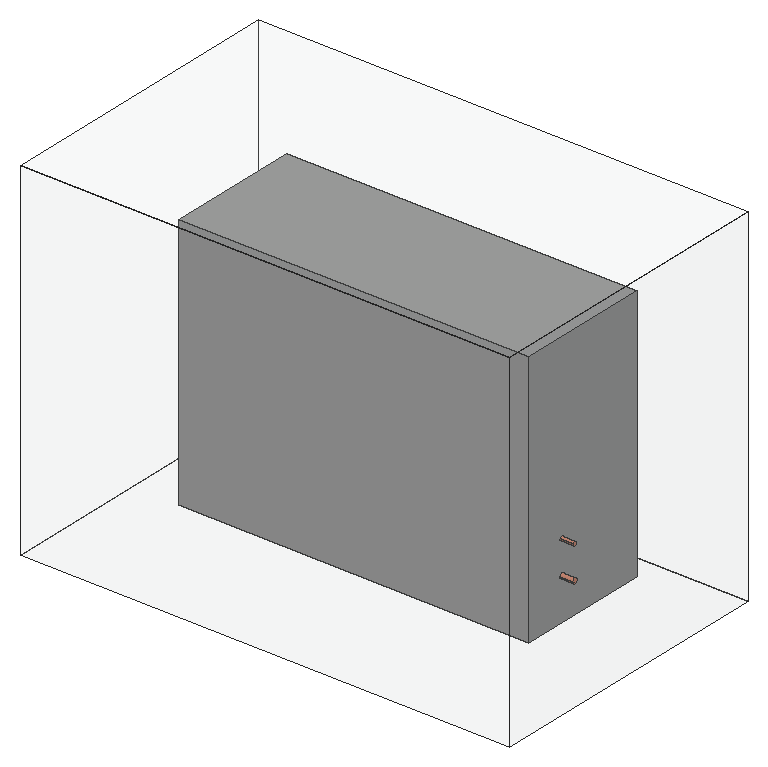
Revit family "Hitachi RAC-YHA_NXA Family", category Mechanical Equipment, Revit 2013
Parameters (values of type "RAC-35NXA1")
  Weight (kg) = 36
  Unit Width = 750 mm
  Unit Height = 548 mm
  URL = "www.temperzone.biz"
  Top Clearance = 200 mm
  Sound Pressure Level (dbA) - Cool / Heat = "47 / 49"
  Sensible Cooling = "3.14 kW"
  Right Clearance = 200 mm
  Refrigerant Type = "R410A"
  Refrigerant Pipe Charge Length = "20m"
  Refrig Pipe Offset from Back = 202 mm
  Radius pipe Top LIQUID = 3.2 mm
  Radius Pipe Bottom GAS = 4.7 mm
  Power Suppy = "240 / 1"
  Power Input kW (cooling) = 0.94
  Power Input kW (Heating) = 1.05
  Pipe Length (min./max.) = "3m to 20m"
  Pipe Height (max.) = "10m"
  Pipe Connection Size - Liquid = "6.35 mm"
  Pipe Connection Size - Gas = "9.5 mm"
  Outdoor Operating Temp. (heating) C db = "21 to -15 C"
  Outdoor Operating Temp. (cooling) C db = "43 to -10 C"
  Model - Indoor = "RAF35-NXA1"
  Model = "RAC35-NXA1"
  Recommended External Protection = 16 A
  Material = "Hitachi - Outdoor Unit"
  Manufacturer = "Temperzone / Hitachi"
  Left Clearance = 100 mm
  Interconnecting Wires = "2C + E, 1.5 mm"
  Height Refrig Pipe (Bottom - GAS) = 91 mm
  Height Refig Pipe (Top LIQUID) = 162.5 mm
  Heating Range = "1.1 - 5.2 kW"
  Heating Capacity = 4200 W
  Front Clearance = 300 mm
  Unit Depth = 288 mm
  Energy Star = yes
  EER Cooling = 3.72
  Description = "Hitachi Outdoor Unit RAC35-NXA1"
  Cooling Range = "1.1 - 4.2 kW"
  Cooling Capacity = 3500 W
  Clearance = Clearance Zone
  COP Heating = 4
  Back Clearance = 50 mm
  Airflow - Med = 138.0 L/s
  Airflow - Low = 111.0 L/s
  Airflow - Hi = 167.0 L/s
  Airflow - ExLow = 92.0 L/s
Types (9, lengths in mm): name | Weight (kg) | Unit Width | Unit Height | Sound Pressure Level (dbA) - Cool / Heat | Sensible Cooling | Refrigerant Pipe Charge Length | Refrig Pipe Offset from Back | Radius Pipe Bottom GAS | Power Input kW (cooling) | Power Input kW (Heating) | Pipe Length (min./max.) | Pipe Height (max.) | Pipe Connection Size - Gas | Outdoor Operating Temp. (cooling) C db | Model - Indoor | Model | Recommended External Protection | Interconnecting Wires | Height Refrig Pipe (Bottom - GAS) | Height Refig Pipe (Top LIQUID) | Heating Range | Heating Capacity | Front Clearance | Unit Depth | EER Cooling | Description | Cooling Range | Cooling Capacity | Clearance | COP Heating | Back Clearance | Airflow - Med | Airflow - Low | Airflow - Hi | Airflow - ExLow
  (no name) | 36 | 750 | 548 | "47 / 49" | "3.14 kW" | "20m" | 202 | 4.7 | 0.94 | 1.05 | "3m to 20m" | "10m" | "9.5 mm" | "43 to -10 C" | "RAF35-NXA1" | "RAC35-NXA1" | 16 A | "2C + E, 1.5 mm" | 91 | 162.5 | "1.1 - 5.2 kW" | 4200 W | 300 | 288 | 3.72 | "Hitachi Outdoor Unit RAC35-NXA1" | "1.1 - 4.2 kW" | 3500 W | Clearance Zone | 4 | 50 | 138.0 L/s | 111.0 L/s | 167.0 L/s | 92.0 L/s
  RAC-50YHA3 | 45 | 850 | 651 | "50 / 52" | "3.86 kW" | "20m" | 201 | 6.4 | 1.48 | 1.66 | "3m to 30m" | "20m" | "12.7 mm" | "46 to -10 C" | "RAS-50YHA3" | "RAC-50YHA3" | 16 A | "2 + E, 1.5 mm" | 96 | 169.5 | "0.9 - 5.8 kW" | 6100 W | 700 | 298 | 3.38 | "Hitachi Outdoor Unit RAC-50YHA3" | "0.9 - 6.8 kW" | 5000 W | Default | 3.67 | 100 | 173.0 L/s | 117.0 L/s | 227.0 L/s | 87.0 L/s
  RAC-25YHA3 | 33 | 750 | 548 | "46 / 49" | "2.15 kW" | "20m" | 202 | 4.7 | 0.67 | 0.85 | "3m to 20m" | "10m" | "9.5 mm" | "43 to -10 C" | "RAS-25YHA3" | "RAC-25YHA3" | 16 A | "2 + E, 1.5 mm" | 91 | 162.5 | "0.9 - 4.4 kW" | 3400 W | 300 | 288 | 3.73 | "Hitachi Outdoor Unit RAC-25YHA3" | "0.9 - 3.1 kW" | 2500 W | Default | 4 | 50 | 119.0 L/s | 103.0 L/s | 142.0 L/s | 92.0 L/s
  RAC-35YHA4 | 36 | 750 | 548 | "46 / 49" | "2.94 kW" | "20m" | 202 | 4.7 | 0.94 | 1.1 | "3m to 20m" | "10m" | "9.5 mm" | "43 to -10 C" | "RAS-35YHA4" | "RAC-35YHA4" | 16 A | "2 + E, 1.5 mm" | 91 | 162.5 | "1.1 - 5.6 kW" | 4500 W | 300 | 288 | 3.72 | "Hitachi Outdoor Unit RAC-35YHA4" | "1.1 - 4.2 kW" | 3500 W | Default | 4.09 | 50 | 135.0 L/s | 111.0 L/s | 167.0 L/s | 102.0 L/s
  RAC-60YHA3 | 50 | 850 | 750 | "50 / 51" | "4.40 kW" | "20m" | 191 | 6.4 | 1.8 | 1.99 | "3m to 30m" | "20m" | "12.7 mm" | "46 to -10 C" | "RAS-60YHA3" | "RAC-60YHA3" | 16 A | "4 + E, 1.5 mm" | 107.5 | 159.5 | "0.9 - 7.5 kW" | 7000 W | 700 | 298 | 3.33 | "Hitachi Outdoor Unit RAC-60YHA3" | "0.9 - 6.8 kW" | 6000 W | none | 3.52 | 100 | 183.0 L/s | 133.0 L/s | 250.0 L/s | 121.0 L/s
  RAC-70YHA3 | 52 | 850 | 800 | "51 / 53" | "5.50 kW" | "30m" | 201 | 7.9 | 2.05 | 2.36 | "3m to 30m" | "20m" | "15.9 mm" | "46 to -10 C" | "RAS-70YHA3" | "RAC-70YHA3" | 20 A | "4 + E, 1.5 mm" | 96 | 169.5 | "1.5 - 9.7 kW" | 8300 W | 700 | 298 | 3.41 | "Hitachi Outdoor Unit RAC-70YHA3" | "1.5 - 8.3 kW" | 7000 W | Default | 3.52 | 100 | 242.0 L/s | 167.0 L/s | 292.0 L/s | 142.0 L/s
  RAC-80YHA3 | 52 | 850 | 800 | "55 / 55" | "6.15" | "30m" | 201 | 7.9 | 2.45 | 2.75 | "3m to 30m" | "20m" | "15.9 mm" | "46 to -10 C" | "RAS-80YHA3" | "RAC-80YHA3" | 20 A | "4 + E, 1.5 mm" | 96 | 169.5 | "1.5 - 9.7 kW" | 9000 W | 700 | 298 | 3.27 | "Hitachi Outdoor Unit RAC-80YHA3" | "1.5 - 8.5 kW" | 8000 W | Default | 3.27 | 100 | 242.0 L/s | 225.0 L/s | 350.0 L/s | 203.0 L/s
  RAC-35NXA1 | 36 | 750 | 548 | "47 / 49" | "3.14 kW" | "20m" | 202 | 4.7 | 0.94 | 1.05 | "3m to 20m" | "10m" | "9.5 mm" | "43 to -10 C" | "RAF35-NXA1" | "RAC35-NXA1" | 16 A | "2C + E, 1.5 mm" | 91 | 162.5 | "1.1 - 5.2 kW" | 4200 W | 300 | 288 | 3.72 | "Hitachi Outdoor Unit RAC35-NXA1" | "1.1 - 4.2 kW" | 3500 W | Clearance Zone | 4 | 50 | 138.0 L/s | 111.0 L/s | 167.0 L/s | 92.0 L/s
  RAC50-NXA1 | 40 | 792 | 600 | "52 / 52" | "3.78 kW" | "20m" | 202 | 6.4 | 1.51 | 1.66 | "3m to 20m" | "10m" | "12.7 mm" | "43 to -10 C" | "RAF-50NXA1" | "RAC-50NXA1" | 16 A | "2C + E, 1.5 mm" | 91 | 161 | "1.1 - 5.2 kW" | 6000 W | 700 | 299 | 3.31 | "Hitachi Outdoor Unit RAC-50NXA1" | "2.2 - 7.3 kW" | 5000 W | Default | 3.61 | 50 | 147.0 L/s | 120.0 L/s | 180.0 L/s | 103.0 L/s
Reference planes
  plane 1 "Center (Front/Back)": y = 0
  plane 2: z = 0
  plane 3 "Center (Left/Right)": x = 0
  plane 4 "Front": y = -288
  plane 5 "Back Clearance": y = 50
  plane 6 "Right": x = 375
  plane 7 "Left": x = -375
  plane 8 "Front Clearance": y = -588
  plane 9 "Right Clearance": x = 575
  plane 10 "left Clearance": x = -475
  plane 11 "Top": z = 548
  plane 12 "Top Clearance": z = 748
  plane 13 "Refrig Lines": y = -202
  plane 14: z = 162.5
  plane 15: z = 91
  plane 16 "Circle Centre horizontal": z = 274
  plane 17 "Circle centre vertical": x = -75
  plane 18: x = 225
  plane 19: x = 325
  plane 20: z = 523.5
  plane 21: z = 24.5
Forms (mm)
  Extrusion 1, solid, material "Steel, Paint Finish, Ivory, Matte"
    sketch origin (0, 0, 0) x (1, 0, 0) y (0, 1, 0)
      loop
        line (-375, 0) -> (-375, -288) -> (375, -288) -> (375, 0) -> (-375, 0)
    from 0 to 548
  Extrusion 2, solid, material "Clearance Zone"
    sketch origin (0, 0, 0) x (1, 0, 0) y (0, 1, 0)
      loop
        line (-475, 50) -> (-475, -588) -> (575, -588) -> (575, 50) -> (-475, 50)
    from 0 to 748
  Extrusion 3, solid, material "Copper"
    sketch origin (375, 0, 0) x (0, -1, 0) y (0, 0, -1)
      loop
        circle (202, -162.5) r 3.2
    from 0 to 30
  Extrusion 4, solid, material "Copper"
    sketch origin (375, 0, 0) x (0, -1, 0) y (0, 0, -1)
      loop
        circle (202, -91) r 4.7
    from 0 to 30
Lines and regions (mm)
  model lines
    curve 1: circle (-75, -288, 274) r 250 normal (0, 1, 0)
    curve 2: line (225, -288, 523.5) -> (325, -288, 523.5)
    curve 3: line (225, -288, 24.5) -> (225, -288, 523.5)
    curve 4: line (325, -288, 24.5) -> (225, -288, 24.5)
    curve 5: line (325, -288, 523.5) -> (325, -288, 24.5)
Dimensions and locks
  equal spacing: plane 7 "Left", plane 3 "Center (Left/Right)", plane 6 "Right"
  "Unit Width": plane 7 "Left" to plane 6 "Right"
  "Unit Depth": plane 4 "Front" to plane 1 "Center (Front/Back)"
  "Back Clearance": plane 1 "Center (Front/Back)" to plane 5 "Back Clearance"
  "Unit Height": plane 11 "Top" to plane 2
  "Top Clearance": plane 12 "Top Clearance" to plane 11 "Top"
  "Left Clearance": plane 10 "left Clearance" to plane 7 "Left"
  "Right Clearance": plane 6 "Right" to plane 9 "Right Clearance"
  "Front Clearance": plane 4 "Front" to plane 8 "Front Clearance"
  "Refrig Pipe Offset from Back": plane 13 "Refrig Lines" to plane 1 "Center (Front/Back)"
  "Height Refrig Pipe (Bottom - GAS)": plane 15 to level
  "Height Refig Pipe (Top LIQUID)": plane 14 to level
  locked: plane 7 "Left" to plane 17 "Circle centre vertical" at 300
  equal spacing: plane 11 "Top", plane 16 "Circle Centre horizontal", level
  locked: plane 18 to plane 17 "Circle centre vertical" at 300
  locked: plane 19 to plane 6 "Right" at 50
  equal spacing: plane 20, plane 16 "Circle Centre horizontal", plane 21
  locked: plane 20 to plane 21 at 499
  "Radius pipe Top LIQUID": radius of Extrusion 3 sketch curve
  "Radius Pipe Bottom GAS": radius of Extrusion 4 sketch curve
  aligned and locked: level to plane 2
  aligned and locked: plane 1 "Center (Front/Back)" to Extrusion 1 sketch curve
  aligned and locked: Extrusion 1 sketch curve to plane 7 "Left"
  aligned and locked: plane 4 "Front" to Extrusion 1 sketch curve
  aligned and locked: Extrusion 1 sketch curve to plane 6 "Right"
  aligned and locked: plane 11 "Top" to Extrusion 1
  aligned and locked: Extrusion 1 to plane 2
  aligned and locked: Extrusion 2 sketch curve to plane 5 "Back Clearance"
  aligned and locked: plane 10 "left Clearance" to Extrusion 2 sketch curve
  aligned and locked: plane 8 "Front Clearance" to Extrusion 2 sketch curve
  aligned and locked: Extrusion 2 sketch curve to plane 9 "Right Clearance"
  aligned and locked: plane 12 "Top Clearance" to Extrusion 2
  aligned and locked: Extrusion 2 to plane 2
  aligned and locked: plane 20 to curve 2
  aligned and locked: curve 3 to plane 18
  aligned and locked: curve 4 to plane 21
  aligned and locked: curve 5 to plane 19
Automatic sketch dimensions
  curve 1 to plane 16 "Circle Centre horizontal" = 0 mm
  curve 1 to plane 17 "Circle centre vertical" = 0 mm
  Extrusion 3 sketch curve to plane 13 "Refrig Lines" = 0 mm
  Extrusion 3 sketch curve to plane 14 = 0 mm
  Extrusion 4 sketch curve to plane 13 "Refrig Lines" = 0 mm
  Extrusion 4 sketch curve to plane 15 = 0 mm
  radius of curve 1 = 250 mm
Connectors
  piping at (405, -202, 162.5), driven by "Radius pipe Top LIQUID"
    settings: on Extrusion 3, index 1, connector radius 3.2 mm, flow factor 0, pipe flow 0.0 L/s, pressure drop 0.0 Pa, fitting loss kfactor 0, connector angle 0.00°, fixture units 0, engagement length 0 mm, flow configuration 2, flow direction 0, fitting loss method 0, system type 22, joint type 0, gender type 0, connector reference index -1, connector utility 0, adjustable connector no, is connector primary yes, fitting loss table "", connector description "Liquid Line (top)"
  piping at (405, -202, 91), driven by "Radius Pipe Bottom GAS"
    settings: on Extrusion 4, index 2, connector radius 4.7 mm, flow factor 0, pipe flow 0.0 L/s, pressure drop 0.0 Pa, fitting loss kfactor 0, connector angle 0.00°, fixture units 0, engagement length 0 mm, flow configuration 0, flow direction 0, fitting loss method 4, system type 22, joint type 0, gender type 0, connector reference index -1, connector utility 0, adjustable connector no, is connector primary no, fitting loss table "", connector description "Gas Line (Bottom)"
